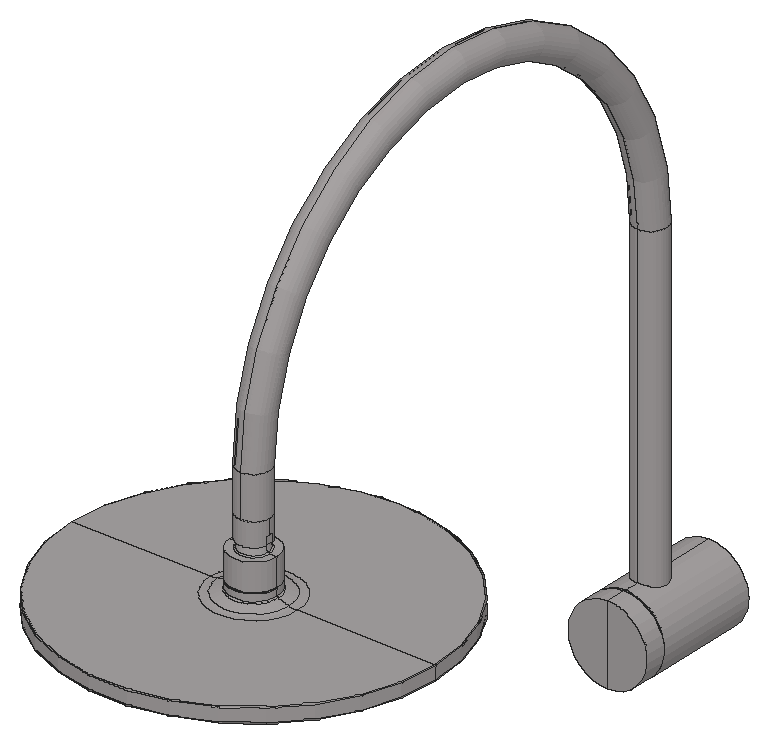
Revit family "Reece_Shower_Milli_Mood Edit_HiRise Shower_Curved_250 mm", category Plumbing Fixtures, Revit 2018
Family settings
  Round Connector Dimension = Use Diameter
  Part Type = Normal
  Work Plane-Based = Yes
  Always vertical = Yes
  Cut with Voids When Loaded = Yes
  Shared = Yes
  Room Calculation Point = Yes
Parameters
  URL = "https://www.reece.com.au/product/-9511840"
  Type Comments = "Shower"
  Reece_Shower_Inlet = 12 mm  # constant formula
  Reece_Shower_Head_Height = 425 mm
  Reece_Shower_Arm_Length = 401 mm
  Reece_Product_Web Page = "https://www.reece.com.au/product/-9511840"
  Reece_Product_Type = "Shower"  # constant formula
  Reece_Product_Sub Brand = "Mood Edit"  # constant formula
  Reece_Product_Number = "9511840"
  Reece_Product_Mount = "Wall Mounted"
  Reece_Product_Description = "Milli Mood Edit Hi-Rise Shower Curved with 250mm Shower Head PVD Brushed Gunmetal (3 Star)"
  Reece_Product_Brand = "Milli"  # constant formula
  Reece_Material_Main = Reece_PVD_Brushed Gunmetal
  Reece_Height_From_Level [instance] = 1800 mm
  Reece_Detail_Shape = "Arm Only"  # constant formula
  Reece_Detail_Installation = ""
  Reece_Detail_Disclaimer = "THIS FILE IS THE PROPERTY OF THE REECE GROUP. IT MAY NOT BE REPRODUCED, REVERSE-ENGINEERED OR MODIFIED. ANY REPUBLICATION, TRANSMISSION OR DISTRIBUTION FOR THE PURPOSE OF COMMERCIALLY EXPLOITING THE FILES IS PROHIBITED."  # constant formula
  Reece_Detail_Connector = ""
  Reece_Detail_Additional = "Curved"  # constant formula
  Reece_Backplate_Diameter = 54 mm  # constant formula
  Model = "Mood Edit"
  Manufacturer = "Milli"
  Keynote = "Product #9511840, Reece_Shower_Milli_Mood Edit_HiRise Shower_Curved_250 mm -  "
  Disclaimer = "THIS FILE IS THE PROPERTY OF THE REECE GROUP. IT MAY NOT BE REPRODUCED, REVERSE-ENGINEERED OR MODIFIED. ANY REPUBLICATION, TRANSMISSION OR DISTRIBUTION FOR THE PURPOSE OF COMMERCIALLY EXPLOITING THE FILES IS PROHIBITED."  # constant formula
  Description = "Milli Mood Edit Hi-Rise Shower Curved with 250mm Shower Head PVD Brushed Gunmetal (3 Star)"
  Default Elevation = 0 mm
Types (10, lengths in mm): name | URL | Reece_Product_Web Page | Reece_Product_Number | Reece_Product_Description | Reece_Material_Main | Keynote | Description
  (no name) | "https://www.reece.com.au/product/-9511840" | "https://www.reece.com.au/product/-9511840" | "9511840" | "Milli Mood Edit Hi-Rise Shower Curved with 250mm Shower Head PVD Brushed Gunmetal (3 Star)" | Reece_PVD_Brushed Gunmetal | "Product #9511840, Reece_Shower_Milli_Mood Edit_HiRise Shower_Curved_250 mm -  " | "Milli Mood Edit Hi-Rise Shower Curved with 250mm Shower Head PVD Brushed Gunmetal (3 Star)"
  Chrome | "https://www.reece.com.au/product/-4202242" | "https://www.reece.com.au/product/-4202242" | "4202242" | "Milli Mood Edit Hi-Rise Shower Curved with 250mm Shower Head Chrome (3 Star)" | Reece_Brass_Chrome | "Product #4202242, Reece_Shower_Milli_Mood Edit_HiRise Shower_Curved_250 mm - Chrome" | "Milli Mood Edit Hi-Rise Shower Curved with 250mm Shower Head Chrome (3 Star)"
  Brushed Nickel | "https://www.reece.com.au/product/-4202243" | "https://www.reece.com.au/product/-4202243" | "4202243" | "Milli Mood Edit Hi-Rise Shower Curved with 250mm Shower Head Brushed Nickel (3 Star)" | Reece_Brass_Brushed Nickel | "Product #4202243, Reece_Shower_Milli_Mood Edit_HiRise Shower_Curved_250 mm - Brushed Nickel" | "Milli Mood Edit Hi-Rise Shower Curved with 250mm Shower Head Brushed Nickel (3 Star)"
  Brushed Gunmetal | "https://www.reece.com.au/product/-4202244" | "https://www.reece.com.au/product/-4202244" | "4202244" | "Milli Mood Edit Hi-Rise Shower Curved with 250mm Shower Head Brushed Gunmetal (3 Star)" | Reece_Brass_Brushed Gunmetal | "Product #4202244, Reece_Shower_Milli_Mood Edit_HiRise Shower_Curved_250 mm - Brushed Gunmetal" | "Milli Mood Edit Hi-Rise Shower Curved with 250mm Shower Head Brushed Gunmetal (3 Star)"
  Matte Black | "https://www.reece.com.au/product/-4202245" | "https://www.reece.com.au/product/-4202245" | "4202245" | "Milli Mood Edit Hi-Rise Shower Curved with 250mm Shower Head Matte Black (3 Star)" | Reece_Brass_Matte Black | "Product #4202245, Reece_Shower_Milli_Mood Edit_HiRise Shower_Curved_250 mm - Matte Black" | "Milli Mood Edit Hi-Rise Shower Curved with 250mm Shower Head Matte Black (3 Star)"
  PVD Brushed Bronze | "https://www.reece.com.au/product/-9511166" | "https://www.reece.com.au/product/-9511166" | "9511166" | "Milli Mood Edit Hi-Rise Shower 250mm Curved PVD Brushed Bronze (3 Star)" | Reece_PVD_Brushed Bronze | "Product #9511166, Reece_Shower_Milli_Mood Edit_HiRise Shower_Curved_250 mm - PVD Brushed Bronze" | "Milli Mood Edit Hi-Rise Shower 250mm Curved PVD Brushed Bronze (3 Star)"
  PVD Brushed Gold | "https://www.reece.com.au/product/-9510981" | "https://www.reece.com.au/product/-9510981" | "9510981" | "Milli Mood Edit Hi-Rise Shower 250mm Curved PVD Brushed Gold (3 Star)" | Reece_PVD_Brushed Gold | "Product #9510981, Reece_Shower_Milli_Mood Edit_HiRise Shower_Curved_250 mm - PVD Brushed Gold" | "Milli Mood Edit Hi-Rise Shower 250mm Curved PVD Brushed Gold (3 Star)"
  PVD Brushed Gunmetal | "https://www.reece.com.au/product/-9511840" | "https://www.reece.com.au/product/-9511840" | "9511840" | "Milli Mood Edit Hi-Rise Shower Curved with 250mm Shower Head PVD Brushed Gunmetal (3 Star)" | Reece_PVD_Brushed Gunmetal | "Product #9511840, Reece_Shower_Milli_Mood Edit_HiRise Shower_Curved_250 mm - PVD Brushed Gunmetal" | "Milli Mood Edit Hi-Rise Shower Curved with 250mm Shower Head PVD Brushed Gunmetal (3 Star)"
  PVD Brushed Nickel | "https://www.reece.com.au/product/-9511655" | "https://www.reece.com.au/product/-9511655" | "9511655" | "Milli Mood Edit Hi-Rise Shower Curved with 250mm Shower Head PVD Brushed Nickel (3 Star)" | Reece_PVD_Brushed Nickel | "Product #9511655, Reece_Shower_Milli_Mood Edit_HiRise Shower_Curved_250 mm - PVD Brushed Nickel" | "Milli Mood Edit Hi-Rise Shower Curved with 250mm Shower Head PVD Brushed Nickel (3 Star)"
  PVD Matte Black | "https://www.reece.com.au/product/-9511470" | "https://www.reece.com.au/product/-9511470" | "9511470" | "Milli Mood Edit Hi-Rise Shower Curved with 250mm Shower Head PVD Matte Black (3 Star)" | Reece_PVD_Matte Black | "Product #9511470, Reece_Shower_Milli_Mood Edit_HiRise Shower_Curved_250 mm - PVD Matte Black" | "Milli Mood Edit Hi-Rise Shower Curved with 250mm Shower Head PVD Matte Black (3 Star)"
Reference planes
  plane 1 "Center (Front/Back)": y = 0
  plane 2 "Height From Floor": z = 1800
  plane 3 "Center (Left/Right)": x = 0
  plane 4 "Bottom Of Invisible Line": z = -5
  plane 5: x = 11.473
  plane 6: x = -10.938
  plane 7: y = -390
  plane 8: y = -50
  plane 9: z = 2225
  plane 10: y = 0
  plane 11: y = -86.5
  plane 12: x = -27.04
  plane 13: x = 27.04
  plane 14: y = -401
  plane 15: z = 1955
  plane 16 "Headshower Connection": z = 2015
Forms (mm)
  Revolve 1, solid, material "Reece_PVD_Brushed Gunmetal" <- "Reece_Material_Main"
    sketch origin (0, -50, 1770.852) x (0, -1, 0) y (0, 0, 1)
      loop
        line (-50, 56.188) -> (-50, 36.648) -> (-14, 36.648) -> (-14, 29.148) -> (36.5, 29.148) -> (36.5, 56.188) -> (22.632, 56.188) -> (22.632, 51.026) -> (21.562, 51.026) -> (21.562, 56.188) -> (-50, 56.188)
      axis (36.5, 29.148) -> (-50, 29.148)
    angle from 0 to 360
  Sweep 2, solid, material "Reece_PVD_Brushed Gunmetal" <- "Reece_Material_Main"
    path origin (0, -39, 0) x (0, -1, 0) y (0, 0, 1)
      loop
        line (11, 1800) -> (11, 2044.023)
        arc (11, 2044.023) -> (181, 2214.023) -> (351, 2044.023) r 170
        line (351, 2044.023) -> (351, 2015)
    profile origin (0, -50, 1922.011) x (0, 1, 0) y (-1, 0, 0)
      loop
        circle (0, 0) r 11
      loop
        circle (0, 0) r 10
Cuts and joins
  joined: Revolve 1, Sweep 2
Lines and regions (mm)
  model lines, style "InvisibleLines"
    curve 1: line (0, 0, -5) -> (0, 0, 1800)
Text (mm)
  text "Reece ©" at (2155.535, -1941.88, 3919.397), in view "Reece Preview"
  text "Reece Copyright © 2018, Reece Ltd." at (-327.277, -618.124, 0), in view "Ref. Level"
Dimensions and locks
  plane 5 to plane 6 = 22.411 mm
  "Reece_Height_From_Level": plane 2 "Height From Floor" to level
  locked: plane 12 to plane 13 at 54.08
  plane 8 to plane 7 = 340 mm  (x2)
  "Reece_Shower_Head_Height": plane 9 to plane 11
  "Reece_Shower_Arm_Length": plane 10 to plane 14
  locked: plane 2 "Height From Floor" to plane 15 at 155
  locked: plane 16 "Headshower Connection" to plane 2 "Height From Floor" at 215
  cut or joined group of Revolve 1, Sweep 2 to cut or joined group of Revolve 1, Sweep 2 = 54.08 mm
  nested 1 to nested 1 = 250 mm  (x2)
  plane 10 to cut or joined group of Revolve 1, Sweep 2 = 86.5 mm
  plane 6 to plane 5 = 22.411 mm
  nested 1 to plane 2 "Height From Floor" = 155 mm
  "Reece_Shower_Arm_Length": cut or joined group of Revolve 1, Sweep 2 to plane 1 "Center (Front/Back)"
  plane 9 to plane 2 "Height From Floor" = 425 mm
  locked: plane 10 to plane 8 at 50
  aligned and locked: plane 2 "Height From Floor" to Sweep 2 sketch curve
  aligned and locked: plane 2 "Height From Floor" to curve 1
  aligned and locked: plane 2 "Height From Floor" to Revolve 1 sketch curve  (x2)
  aligned and locked: plane 11 to Revolve 1 sketch curve
  aligned and locked: plane 16 "Headshower Connection" to Sweep 2 sketch curve
  aligned and locked: Revolve 1 sketch curve to plane 10
Automatic sketch dimensions
  curve 1 to plane 3 "Center (Left/Right)" = 0 mm
  curve 1 to plane 4 "Bottom Of Invisible Line" = 0 mm
  Sweep 2 sketch curve to plane 8 = 0 mm
  Sweep 2 sketch curve to plane 7 = 0 mm
  Sweep 2 sketch curve to plane 16 "Headshower Connection" = 29.023 mm
  Sweep 2 sketch curve to Sweep 2 sketch curve = 0 mm  (x2)
  profile plane to Sweep 2 sketch curve = 0 mm
  Sweep 2 sketch curve to profile plane = 0 mm
  plane 11 to Revolve 1 sketch curve = 14.938 mm
  Revolve 1 sketch curve to Revolve 1 sketch curve = 1.07 mm
  plane 2 "Height From Floor" to Revolve 1 sketch curve = 21.878 mm
  Revolve 1 sketch curve to Revolve 1 sketch curve = 5.161 mm
  Revolve 1 sketch curve to Revolve 1 sketch curve = 0 mm
  Revolve 1 sketch curve to plane 8 = 14 mm
  plane 8 to Revolve 1 sketch curve = 1 mm
  Revolve 1 sketch curve to plane 11 = 18.5 mm
  plane 2 "Height From Floor" to Revolve 1 sketch curve = 7.5 mm
  radius of Sweep 2 sketch curve = 11 mm
  radius of Sweep 2 sketch curve = 10 mm
Nested families
  nested 1: "Reece_Shower_Milli_Mood Edit_Shower Head_250 mm Head_Nested" at (0, -390, 2015) x (1, 0, 0) z (0, 0, -1), Reece_Material_Main <- "Reece_Material_Main", type "Reece_Shower_Milli_Mood Edit_Shower Head_250 mm Head_Nested"
    with Reece_Material_Main Reece_PVD_Brushed Gunmetal
Connectors
  piping at (0, 0, 1800), diameter 12, driven by "Reece_Shower_Inlet"
    settings: on cut or joined group of Revolve 1, Sweep 2, index 1, connector inside diameter 609.6 mm, connector length 0 mm, flow factor 0, pipe flow 0.0 L/s, pressure drop 0.0 Pa, fitting loss kfactor 0, connector angle 0.00°, fixture units 0, engagement length 0 mm, angle of deflection 0.00°, flow configuration 0, flow direction 1, fitting loss method 0, system type 29, joint type 0, gender type 0, connector reference index -1, connector utility 0, adjustable connector no, is connector primary yes, connector description ""
Definition of nested family "Reece_Shower_Milli_Mood Edit_Shower Head_250 mm Head_Nested"
  Parameters (values of type "Reece_Shower_Milli_Pure_Shower Head_250 mm Head_Nested")
    Waste Connection = no
    WFU = 0
    Vent Connection = no
    URL = ""
    Type Comments = ""
    Reece_Material_Main [instance] = none
    Model = ""
    Manufacturer = ""
    Keynote = ""
    HWFU = 0
    HW Connection = no
    Description = ""
    Default Elevation = 0 mm
    Cost = 0
    CWFU = 0
    CW Connection = no
    Assembly Code = ""
  Reference planes
    plane 1 "Center (Front/Back)": y = 0
    plane 2: z = 0
    plane 3 "Center (Left/Right)": x = 0
    plane 4: z = 60
    plane 5: y = 125
    plane 6: y = -125
    plane 7: x = 125
    plane 8: x = -125
    plane 9: z = 50
  Forms (mm)
    Extrusion 1, solid
      sketch origin (619.2, 20, 0) x (1, 0, 0) y (0, 1, 0)
        loop
          line (-843.153, 203.827) -> (-843.153, -206.911) -> (-435.255, -206.911) -> (-435.255, 203.827) -> (-843.153, 203.827)
      from 0 to -35.776
    Revolve 2, solid, material <- "Reece_Material_Main"
      sketch origin (0, 0, -187) x (1, 0, 0) y (0, 0, 1)
        loop
          line (0, 247) -> (0, 187) -> (11, 187) -> (11, 203) -> (9.387, 203)
          arc (9.387, 203) -> (8.576, 203.415) -> (8.439, 204.316) r 1
          line (8.439, 204.316) -> (9.772, 208.316)
          arc (9.772, 208.316) -> (10.136, 208.811) -> (10.721, 209) r 1
          line (10.721, 209) -> (16, 209)
          arc (16, 209) -> (16.477, 218.25) -> (16, 227.5) r 90
          line (16, 227.5) -> (15, 227.5) -> (15, 228.5) -> (16, 228.5) -> (16, 233.105)
          arc (16, 233.105) -> (16.202, 233.707) -> (16.726, 234.066) r 1
          line (16.726, 234.066) -> (24.324, 236.233)
          arc (24.324, 236.233) -> (27.04, 236.807) -> (29.809, 237) r 20
          line (29.809, 237) -> (124.5, 237)
          arc (124.5, 237) -> (124.854, 237.146) -> (125, 237.5) r 0.5
          line (125, 237.5) -> (125, 246.5)
          arc (125, 246.5) -> (124.854, 246.854) -> (124.5, 247) r 0.5
          line (124.5, 247) -> (0, 247)
        axis (0, 247) -> (0, 187)
      angle from 0 to 360
    Extrusion 3, void
      sketch origin (0, 0, 0) x (1, 0, 0) y (0, 1, 0)
        loop
          line (-10, 3.005) -> (-12, 3.005) -> (-12, -3.005) -> (-10, -3.005) -> (-10, 3.005)
        loop
          line (10, 3.005) -> (10, -3.005) -> (12, -3.005) -> (12, 3.005) -> (10, 3.005)
      from 10 to 16
    Extrusion 4, solid, material <- "Reece_Material_Main", detail levels fine
      sketch origin (2.068, -0.55, 6) x (0.866025, -0.5, 0) y (0.5, 0.866025, 0)
        loop
          circle (9.236, 17.47) r 2
        loop
          circle (-1.292, 20.706) r 2
        loop
          circle (19.65, 27.744) r 2
        loop
          circle (7.167, 33.9) r 2
        loop
          circle (-6.723, 34.811) r 2
        loop
          circle (31.171, 36.357) r 2
        loop
          circle (18.138, 44.821) r 2
        loop
          circle (3.126, 48.844) r 2
        loop
          circle (-12.394, 48.03) r 2
        loop
          circle (42.957, 44.466) r 2
        loop
          circle (29.77, 54.585) r 2
        loop
          circle (14.413, 60.946) r 2
        loop
          circle (-2.066, 63.116) r 2
        loop
          circle (-18.546, 60.946) r 2
        loop
          circle (54.752, 52.149) r 2
        loop
          circle (41.607, 63.465) r 2
        loop
          circle (26.275, 71.575) r 2
        loop
          circle (9.522, 76.064) r 2
        loop
          circle (-7.81, 76.73) r 2
        loop
          circle (-24.854, 73.517) r 2
        loop
          circle (68.722, 58.841) r 2
        loop
          circle (57.332, 70.231) r 2
        loop
          circle (44.137, 79.47) r 2
        loop
          circle (29.539, 86.277) r 2
        loop
          circle (13.98, 90.446) r 2
        loop
          circle (-2.066, 91.85) r 2
        loop
          circle (-18.113, 90.446) r 2
        loop
          circle (-33.671, 86.277) r 2
        loop
          circle (81.577, 65.216) r 2
        loop
          circle (71.368, 76.448) r 2
        loop
          circle (59.468, 85.58) r 2
        loop
          circle (46.704, 94.015) r 2
        loop
          circle (32.752, 99.992) r 2
        loop
          circle (18.091, 103.92) r 2
        loop
          circle (3.02, 105.728) r 2
        loop
          circle (-12.154, 105.37) r 2
        loop
          circle (-27.123, 102.857) r 2
        loop
          circle (-41.583, 98.24) r 2
        loop
          circle (92.91, 70.693) r 2
        loop
          circle (82.525, 82.534) r 2
        loop
          circle (70.684, 92.919) r 2
        loop
          circle (57.588, 101.669) r 2
        loop
          circle (43.462, 108.635) r 2
        loop
          circle (28.548, 113.698) r 2
        loop
          circle (13.101, 116.771) r 2
        loop
          circle (-2.615, 117.801) r 2
        loop
          circle (-18.332, 116.771) r 2
        loop
          circle (-33.779, 113.698) r 2
        loop
          circle (-48.693, 108.635) r 2
        loop
          circle (-23.329, -1.331) r 2
        loop
          circle (-20.868, 9.404) r 2
        loop
          circle (-37.434, -5.214) r 2
        loop
          circle (-36.524, 8.675) r 2
        loop
          circle (-30.368, 21.159) r 2
        loop
          circle (-50.654, -10.885) r 2
        loop
          circle (-51.467, 4.635) r 2
        loop
          circle (-47.445, 19.646) r 2
        loop
          circle (-38.981, 32.68) r 2
        loop
          circle (-63.57, -17.037) r 2
        loop
          circle (-65.739, -0.557) r 2
        loop
          circle (-63.57, 15.922) r 2
        loop
          circle (-57.209, 31.279) r 2
        loop
          circle (-47.09, 44.466) r 2
        loop
          circle (-76.12, -23.41) r 2
        loop
          circle (-79.348, -6.368) r 2
        loop
          circle (-78.705, 10.965) r 2
        loop
          circle (-74.216, 27.718) r 2
        loop
          circle (-66.127, 43.06) r 2
        loop
          circle (-54.822, 56.215) r 2
        loop
          circle (-88.901, -32.162) r 2
        loop
          circle (-93.07, -16.604) r 2
        loop
          circle (-94.473, -0.557) r 2
        loop
          circle (-93.07, 15.489) r 2
        loop
          circle (-88.901, 31.048) r 2
        loop
          circle (-82.093, 45.646) r 2
        loop
          circle (-72.854, 58.841) r 2
        loop
          circle (-61.464, 70.231) r 2
        loop
          circle (-100.85, -40.108) r 2
        loop
          circle (-105.472, -25.65) r 2
        loop
          circle (-107.43, -10.779) r 2
        loop
          circle (-108.354, 4.492) r 2
        loop
          circle (-106.554, 19.564) r 2
        loop
          circle (-102.625, 34.225) r 2
        loop
          circle (-96.656, 48.18) r 2
        loop
          circle (-88.759, 61.143) r 2
        loop
          circle (-79.098, 72.85) r 2
        loop
          circle (-67.869, 83.063) r 2
        loop
          circle (-111.259, -47.184) r 2
        loop
          circle (-116.322, -32.27) r 2
        loop
          circle (-119.394, -16.823) r 2
        loop
          circle (-120.424, -1.106) r 2
        loop
          circle (-119.394, 14.61) r 2
        loop
          circle (-116.322, 30.057) r 2
        loop
          circle (-111.259, 44.971) r 2
        loop
          circle (-104.293, 59.097) r 2
        loop
          circle (-95.543, 72.193) r 2
        loop
          circle (-85.158, 84.034) r 2
        loop
          circle (-73.316, 94.419) r 2
        loop
          circle (19.197, 0.217) r 2
        loop
          circle (16.735, -10.518) r 2
        loop
          circle (33.302, 4.099) r 2
        loop
          circle (32.391, -9.79) r 2
        loop
          circle (26.235, -22.274) r 2
        loop
          circle (46.521, 9.77) r 2
        loop
          circle (47.335, -5.75) r 2
        loop
          circle (43.312, -20.761) r 2
        loop
          circle (34.848, -33.795) r 2
        loop
          circle (59.437, 15.922) r 2
        loop
          circle (61.607, -0.557) r 2
        loop
          circle (59.437, -17.037) r 2
        loop
          circle (53.076, -32.394) r 2
        loop
          circle (42.957, -45.581) r 2
        loop
          circle (71.988, 22.295) r 2
        loop
          circle (75.216, 5.253) r 2
        loop
          circle (74.572, -12.079) r 2
        loop
          circle (70.083, -28.833) r 2
        loop
          circle (61.994, -44.175) r 2
        loop
          circle (50.69, -57.329) r 2
        loop
          circle (84.768, 31.048) r 2
        loop
          circle (88.937, 15.489) r 2
        loop
          circle (90.341, -0.557) r 2
        loop
          circle (88.937, -16.604) r 2
        loop
          circle (84.768, -32.162) r 2
        loop
          circle (77.961, -46.761) r 2
        loop
          circle (68.722, -59.956) r 2
        loop
          circle (57.332, -71.345) r 2
        loop
          circle (96.717, 38.993) r 2
        loop
          circle (101.34, 24.536) r 2
        loop
          circle (103.298, 9.664) r 2
        loop
          circle (104.221, -5.607) r 2
        loop
          circle (102.421, -20.678) r 2
        loop
          circle (98.493, -35.34) r 2
        loop
          circle (92.523, -49.295) r 2
        loop
          circle (84.626, -62.258) r 2
        loop
          circle (74.965, -73.965) r 2
        loop
          circle (63.737, -84.178) r 2
        loop
          circle (107.126, 46.069) r 2
        loop
          circle (112.189, 31.155) r 2
        loop
          circle (115.262, 15.708) r 2
        loop
          circle (116.292, -0.008) r 2
        loop
          circle (115.262, -15.725) r 2
        loop
          circle (112.189, -31.172) r 2
        loop
          circle (107.126, -46.086) r 2
        loop
          circle (100.16, -60.212) r 2
        loop
          circle (91.41, -73.308) r 2
        loop
          circle (81.025, -85.149) r 2
        loop
          circle (69.184, -95.534) r 2
        loop
          circle (-13.368, -18.585) r 2
        loop
          circle (-2.84, -21.82) r 2
        loop
          circle (-23.783, -28.859) r 2
        loop
          circle (-11.299, -35.015) r 2
        loop
          circle (2.59, -35.925) r 2
        loop
          circle (-35.304, -37.472) r 2
        loop
          circle (-22.27, -45.936) r 2
        loop
          circle (-7.259, -49.958) r 2
        loop
          circle (8.261, -49.145) r 2
        loop
          circle (-47.09, -45.581) r 2
        loop
          circle (-33.903, -55.7) r 2
        loop
          circle (-18.546, -62.061) r 2
        loop
          circle (-2.066, -64.23) r 2
        loop
          circle (14.413, -62.061) r 2
        loop
          circle (-58.884, -53.264) r 2
        loop
          circle (-45.74, -64.58) r 2
        loop
          circle (-30.407, -72.689) r 2
        loop
          circle (-13.654, -77.178) r 2
        loop
          circle (3.677, -77.844) r 2
        loop
          circle (20.722, -74.631) r 2
        loop
          circle (-72.854, -59.956) r 2
        loop
          circle (-61.464, -71.345) r 2
        loop
          circle (-48.27, -80.584) r 2
        loop
          circle (-33.671, -87.392) r 2
        loop
          circle (-18.113, -91.561) r 2
        loop
          circle (-2.066, -92.964) r 2
        loop
          circle (13.98, -91.561) r 2
        loop
          circle (29.539, -87.392) r 2
        loop
          circle (-85.71, -66.331) r 2
        loop
          circle (-75.501, -77.563) r 2
        loop
          circle (-63.6, -86.695) r 2
        loop
          circle (-50.837, -95.13) r 2
        loop
          circle (-36.885, -101.107) r 2
        loop
          circle (-22.223, -105.035) r 2
        loop
          circle (-7.153, -106.843) r 2
        loop
          circle (8.021, -106.485) r 2
        loop
          circle (22.991, -103.972) r 2
        loop
          circle (37.45, -99.355) r 2
        loop
          circle (-97.043, -71.808) r 2
        loop
          circle (-86.658, -83.649) r 2
        loop
          circle (-74.816, -94.034) r 2
        loop
          circle (-61.721, -102.784) r 2
        loop
          circle (-47.595, -109.75) r 2
        loop
          circle (-32.681, -114.813) r 2
        loop
          circle (-17.234, -117.885) r 2
        loop
          circle (-1.517, -118.915) r 2
        loop
          circle (14.199, -117.885) r 2
        loop
          circle (29.646, -114.813) r 2
        loop
          circle (44.561, -109.75) r 2
        loop
          circle (4.854, 3.313) r 2
        loop
          circle (16.979, 10.313) r 2
        loop
          circle (29.103, 17.313) r 2
        loop
          circle (41.227, 24.313) r 2
        loop
          circle (53.352, 31.313) r 2
        loop
          circle (65.476, 38.313) r 2
        loop
          circle (-8.879, -4.616) r 2
        loop
          circle (-21.003, -11.616) r 2
        loop
          circle (-33.127, -18.616) r 2
        loop
          circle (-45.252, -25.616) r 2
        loop
          circle (-57.376, -32.616) r 2
        loop
          circle (-69.5, -39.616) r 2
        loop
          circle (-82.11, -46.775) r 2
        loop
          circle (-94.226, -53.79) r 2
        loop
          circle (-105.043, -60.054) r 2
        loop
          circle (77.981, 45.654) r 2
        loop
          circle (90.114, 52.639) r 2
        loop
          circle (100.948, 58.874) r 2
        loop
          circle (-13.125, 18.379) r 2
        loop
          circle (-20.125, 30.504) r 2
        loop
          circle (-27.125, 42.628) r 2
        loop
          circle (-34.125, 54.752) r 2
        loop
          circle (-41.125, 66.877) r 2
        loop
          circle (-48.187, 79.542) r 2
        loop
          circle (-55.187, 91.667) r 2
        loop
          circle (-61.437, 102.492) r 2
        loop
          circle (8.804, -19.602) r 2
        loop
          circle (15.804, -31.727) r 2
        loop
          circle (22.804, -43.851) r 2
        loop
          circle (29.804, -55.975) r 2
        loop
          circle (36.804, -68.1) r 2
        loop
          circle (44.242, -80.549) r 2
        loop
          circle (51.242, -92.673) r 2
        loop
          circle (57.492, -103.498) r 2
        loop
          circle (-1.334, 7.371) r 2
        loop
          circle (-9.299, 2.773) r 2
        loop
          circle (5.166, -3.888) r 2
        loop
          circle (-2.798, -8.486) r 2
      from 54 to 55
  Cuts and joins
    Extrusion 3 cuts Revolve 2
  Text (mm)
    text "Reece Copyright © 2018, Reece Ltd." at (-684.407, -223.434, 0), in view "Ref. Level"
    text "Reece ©" at (-376.822, 575.02, -217.389), in view "Reece_Preview"
  Dimensions and locks
    aligned and locked: plane 2 to Extrusion 1
    aligned and locked: level to Extrusion 1
